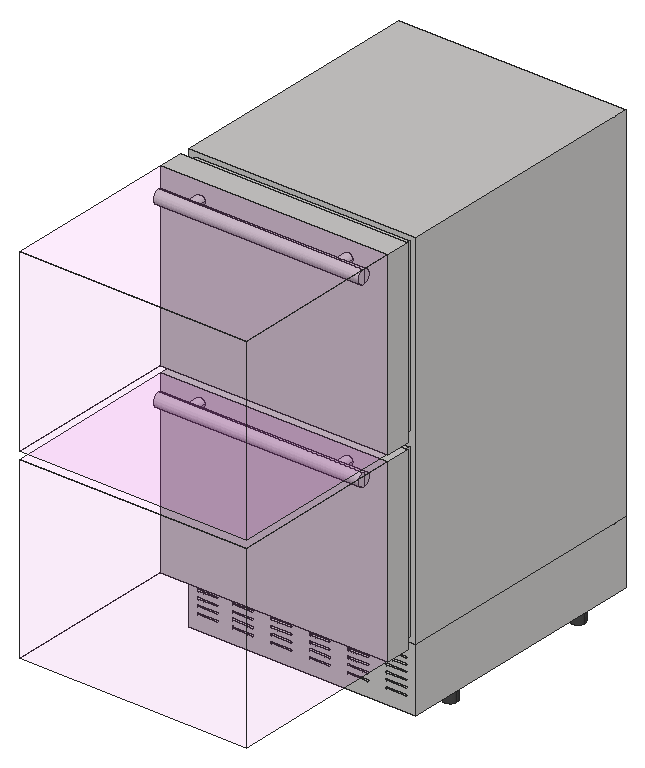
Revit family "QF_Summit_ADRD18H34_2_Drawer_All_Refrigerator", category Specialty Equipment, Revit 2020
Family settings
  Round Connector Dimension = Use Diameter
  Part Type = Normal
  Work Plane-Based = No
  Always vertical = Yes
  Cut with Voids When Loaded = No
  Shared = No
  Room Calculation Point = No
Parameters
  Weight in Pounds = 100
  Watts = FL Amps * Volts  # 143.75 W
  Volts = 115 V
  URL Cutsheet = ""
  Specification by User = ""
  Specification by Manufacturer = ""
  Show Clearance [instance] = yes
  Serial Number = ""
  Seismic Rating = ""
  SMACNA No = ""
  Revision Code = ""
  Refrigerant Volume = 0.00 kip
  Refrigerant Type = "R600a"
  Phase = 1
  Number of Poles = 1
  NAFEM Spec ID Number = ""
  Model = "ADRD18H34"
  Min Ckt Ampacity = 0 A
  Max Overcurrent Protection = 0 A
  Masterspec = ""
  Manufacturer = "Summit"
  Length = 17 3/4"
  Item Number = ""
  Installed By = ""
  Identify Quantity as Lot = yes
  Height = 34 1/4"
  HP = ""
  Furnished By = ""
  Foodservice Equipment Identifier = yes
  FL Amps = 1.25 A
  Electrical Remarks = ""
  Electric Connection Type = ""
  Elec Conn RI Height = 0"
  Elec Conn Connection Height = 0"
  Description = "2 Drawer All Refrigerator"
  Depth = 23 1/4"
  Default Elevation = 0"
  Cycle = 60 Hz
  Conn Plug = ""
  Conn Conduit = yes
  CSI MasterFormat = ""
  BTUH = 0.0 Btu/h
  Apparent Power = 0 VA
Reference planes (in)
  plane 1 "BACK": y = 0
  plane 2: z = 0
  plane 3 "LEFT": x = 0
  plane 4 "RIGHT": x = 17.75
  plane 5 "FRONT": y = -23.25
  plane 6 "TOP": z = 34.25
  plane 7 "Center Y": x = 8.875
  plane 8 "Center X": y = -11.625
Dimensions and locks (in)
  equal spacing: plane 3 "LEFT", plane 7 "Center Y", plane 4 "RIGHT"
  "Length": plane 3 "LEFT" to plane 4 "RIGHT"
  equal spacing: plane 5 "FRONT", plane 8 "Center X", plane 1 "BACK"
  "Depth": plane 5 "FRONT" to plane 1 "BACK"
  "Height": plane 6 "TOP" to level
  aligned and locked: level to plane 2
Nested families (in)
  nested 1: "ADRD18H34" at (0, 0, 0), Show Clearance <- "Show Clearance", type "ADRD18H34"
    with Show Clearance yes
Connectors (in)
  electrical at (13.70905, 0.03125, 4.74536), driven by "Volts", driven by "Watts"
    settings: on nested 1, index 1, voltage 115 V, apparent load 143.75 VA, apparent load phase1 0 VA, apparent load phase2 0 VA, apparent load phase3 0 VA, power factor 1, load classification "Other", number of poles 1, system type 30, power factor state 1, is connector primary yes, connector utility no, sub classification motor no, connector description "ELECTRICAL CONNECTION"
Definition of nested family "ADRD18H34"
  Parameters (values of type "ADRD18H34")
    Weight in Pounds = 0
    URL Cutsheet = ""
    Specification by User = ""
    Specification by Manufacturer = ""
    Show Clearance [instance] = yes
    Serial Number = ""
    Seismic Rating = ""
    SMACNA No = ""
    Revision Code = ""
    NAFEM Spec ID Number = ""
    Masterspec = ""
    Length = 17 3/4"
    Item Number = ""
    Installed By = ""
    Identify Quantity as Lot = yes
    Height = 34 1/4"
    Furnished By = ""
    Foodservice Equipment Identifier = yes
    Depth = 23 1/4"
    Default Elevation = 0"
    CSI MasterFormat = ""
  Reference planes (in)
    plane 1 "BACK": y = 0
    plane 2: z = 0
    plane 3 "LEFT": x = 0
    plane 4 "RIGHT": x = 17.75
    plane 5 "FRONT": y = -23.25
    plane 6 "TOP": z = 34.25
    plane 7 "Center Y": x = 8.875
    plane 8 "Center X": y = -11.625
    plane 9: y = -37
    plane 10: y = -25
    plane 11: z = 0.75
    plane 12: z = 5.75
    plane 13: y = -21.25
    plane 14: z = 20.25
    plane 15: z = 19.75
    plane 16: z = 33.33968
  Forms (in)
    Extrusion 1, solid
      sketch origin (-3.09549, -180, 0.75) x (-1, 0, 0) y (0, -1, 0)
        loop
          line (-3.09549, -180) -> (-3.09549, -159.5) -> (-20.84549, -159.5) -> (-20.84549, -180) -> (-3.09549, -180)
      from 0 to 5
    Extrusion 2, solid
      sketch origin (-3.09549, -180, 5.75) x (-1, 0, 0) y (0, -1, 0)
        loop
          line (-3.09549, -180) -> (-3.09549, -159.5) -> (-20.84549, -159.5) -> (-20.84549, -180) -> (-3.09549, -180)
      from 0 to 28.5
    Extrusion 3, solid
      sketch origin (-38.39759, -180, 34.25) x (-1, 0, 0) y (0, -1, 0)
        loop
          line (-38.39759, -158.75) -> (-38.39759, -156.75) -> (-56.14759, -156.75) -> (-56.14759, -158.75) -> (-38.39759, -158.75)
      from 0 to -14
    Extrusion 4, solid
      sketch origin (-2.26578, -180, 33.33968) x (-1, 0, 0) y (0, -1, 0)
        loop
          line (-2.77615, -159.5) -> (-2.77615, -158.75) -> (-19.50406, -158.75) -> (-19.50406, -159.5) -> (-2.77615, -159.5)
      from 0.55489 to -12.79609
    Extrusion 5, solid
      sketch origin (-38.39759, -180, 5.75) x (0, 1, 0) y (1, 0, 0)
        loop
          line (158.75, 38.39759) -> (158.75, 56.14759) -> (156.75, 56.14759) -> (156.75, 38.39759) -> (158.75, 38.39759)
      from 0 to -14
    Extrusion 6, solid
      sketch origin (-2.26578, -180, 6.66032) x (0, 1, 0) y (1, 0, 0)
        loop
          line (159.5, 2.77615) -> (159.5, 19.50406) -> (158.75, 19.50406) -> (158.75, 2.77615) -> (159.5, 2.77615)
      from 0.55067 to -12.79609
    Extrusion 7, void
      sketch origin (17.75, -20.5, 0.75) x (1, 0, 0) y (0, 0, -1)
        loop
          line (-16.96931, -3.96411) -> (-15.46931, -3.96411)
          arc (-15.46931, -3.96411) -> (-15.37556, -3.87036) -> (-15.46931, -3.77661) r 0.09375
          line (-15.46931, -3.77661) -> (-16.96931, -3.77661)
          arc (-16.96931, -3.77661) -> (-17.06306, -3.87036) -> (-16.96931, -3.96411) r 0.09375
        loop
          line (-16.96931, -3.46411) -> (-15.46931, -3.46411)
          arc (-15.46931, -3.46411) -> (-15.37556, -3.37036) -> (-15.46931, -3.27661) r 0.09375
          line (-15.46931, -3.27661) -> (-16.96931, -3.27661)
          arc (-16.96931, -3.27661) -> (-17.06306, -3.37036) -> (-16.96931, -3.46411) r 0.09375
        loop
          line (-16.96931, -2.96411) -> (-15.46931, -2.96411)
          arc (-15.46931, -2.96411) -> (-15.37556, -2.87036) -> (-15.46931, -2.77661) r 0.09375
          line (-15.46931, -2.77661) -> (-16.96931, -2.77661)
          arc (-16.96931, -2.77661) -> (-17.06306, -2.87036) -> (-16.96931, -2.96411) r 0.09375
        loop
          line (-16.96931, -2.40348) -> (-15.46931, -2.40348)
          arc (-15.46931, -2.40348) -> (-15.37556, -2.30973) -> (-15.46931, -2.21598) r 0.09375
          line (-15.46931, -2.21598) -> (-16.96931, -2.21598)
          arc (-16.96931, -2.21598) -> (-17.06306, -2.30973) -> (-16.96931, -2.40348) r 0.09375
        loop
          line (-16.96931, -1.87223) -> (-15.46931, -1.87223)
          arc (-15.46931, -1.87223) -> (-15.37556, -1.77848) -> (-15.46931, -1.68473) r 0.09375
          line (-15.46931, -1.68473) -> (-16.96931, -1.68473)
          arc (-16.96931, -1.68473) -> (-17.06306, -1.77848) -> (-16.96931, -1.87223) r 0.09375
        loop
          line (-16.96931, -1.30362) -> (-15.46931, -1.30362)
          arc (-15.46931, -1.30362) -> (-15.37556, -1.20987) -> (-15.46931, -1.11612) r 0.09375
          line (-15.46931, -1.11612) -> (-16.96931, -1.11612)
          arc (-16.96931, -1.11612) -> (-17.06306, -1.20987) -> (-16.96931, -1.30362) r 0.09375
        loop
          line (-14.21931, -3.96411) -> (-12.71931, -3.96411)
          arc (-12.71931, -3.96411) -> (-12.62556, -3.87036) -> (-12.71931, -3.77661) r 0.09375
          line (-12.71931, -3.77661) -> (-14.21931, -3.77661)
          arc (-14.21931, -3.77661) -> (-14.31306, -3.87036) -> (-14.21931, -3.96411) r 0.09375
        loop
          line (-14.21931, -3.46411) -> (-12.71931, -3.46411)
          arc (-12.71931, -3.46411) -> (-12.62556, -3.37036) -> (-12.71931, -3.27661) r 0.09375
          line (-12.71931, -3.27661) -> (-14.21931, -3.27661)
          arc (-14.21931, -3.27661) -> (-14.31306, -3.37036) -> (-14.21931, -3.46411) r 0.09375
        loop
          line (-14.21931, -2.96411) -> (-12.71931, -2.96411)
          arc (-12.71931, -2.96411) -> (-12.62556, -2.87036) -> (-12.71931, -2.77661) r 0.09375
          line (-12.71931, -2.77661) -> (-14.21931, -2.77661)
          arc (-14.21931, -2.77661) -> (-14.31306, -2.87036) -> (-14.21931, -2.96411) r 0.09375
        loop
          line (-14.21931, -2.40348) -> (-12.71931, -2.40348)
          arc (-12.71931, -2.40348) -> (-12.62556, -2.30973) -> (-12.71931, -2.21598) r 0.09375
          line (-12.71931, -2.21598) -> (-14.21931, -2.21598)
          arc (-14.21931, -2.21598) -> (-14.31306, -2.30973) -> (-14.21931, -2.40348) r 0.09375
        loop
          line (-14.21931, -1.87223) -> (-12.71931, -1.87223)
          arc (-12.71931, -1.87223) -> (-12.62556, -1.77848) -> (-12.71931, -1.68473) r 0.09375
          line (-12.71931, -1.68473) -> (-14.21931, -1.68473)
          arc (-14.21931, -1.68473) -> (-14.31306, -1.77848) -> (-14.21931, -1.87223) r 0.09375
        loop
          line (-14.21931, -1.30362) -> (-12.71931, -1.30362)
          arc (-12.71931, -1.30362) -> (-12.62556, -1.20987) -> (-12.71931, -1.11612) r 0.09375
          line (-12.71931, -1.11612) -> (-14.21931, -1.11612)
          arc (-14.21931, -1.11612) -> (-14.31306, -1.20987) -> (-14.21931, -1.30362) r 0.09375
        loop
          line (-11.21931, -3.96411) -> (-9.71931, -3.96411)
          arc (-9.71931, -3.96411) -> (-9.62556, -3.87036) -> (-9.71931, -3.77661) r 0.09375
          line (-9.71931, -3.77661) -> (-11.21931, -3.77661)
          arc (-11.21931, -3.77661) -> (-11.31306, -3.87036) -> (-11.21931, -3.96411) r 0.09375
        loop
          line (-11.21931, -3.46411) -> (-9.71931, -3.46411)
          arc (-9.71931, -3.46411) -> (-9.62556, -3.37036) -> (-9.71931, -3.27661) r 0.09375
          line (-9.71931, -3.27661) -> (-11.21931, -3.27661)
          arc (-11.21931, -3.27661) -> (-11.31306, -3.37036) -> (-11.21931, -3.46411) r 0.09375
        loop
          line (-11.21931, -2.96411) -> (-9.71931, -2.96411)
          arc (-9.71931, -2.96411) -> (-9.62556, -2.87036) -> (-9.71931, -2.77661) r 0.09375
          line (-9.71931, -2.77661) -> (-11.21931, -2.77661)
          arc (-11.21931, -2.77661) -> (-11.31306, -2.87036) -> (-11.21931, -2.96411) r 0.09375
        loop
          line (-11.21931, -2.40348) -> (-9.71931, -2.40348)
          arc (-9.71931, -2.40348) -> (-9.62556, -2.30973) -> (-9.71931, -2.21598) r 0.09375
          line (-9.71931, -2.21598) -> (-11.21931, -2.21598)
          arc (-11.21931, -2.21598) -> (-11.31306, -2.30973) -> (-11.21931, -2.40348) r 0.09375
        loop
          line (-11.21931, -1.87223) -> (-9.71931, -1.87223)
          arc (-9.71931, -1.87223) -> (-9.62556, -1.77848) -> (-9.71931, -1.68473) r 0.09375
          line (-9.71931, -1.68473) -> (-11.21931, -1.68473)
          arc (-11.21931, -1.68473) -> (-11.31306, -1.77848) -> (-11.21931, -1.87223) r 0.09375
        loop
          line (-11.21931, -1.30362) -> (-9.71931, -1.30362)
          arc (-9.71931, -1.30362) -> (-9.62556, -1.20987) -> (-9.71931, -1.11612) r 0.09375
          line (-9.71931, -1.11612) -> (-11.21931, -1.11612)
          arc (-11.21931, -1.11612) -> (-11.31306, -1.20987) -> (-11.21931, -1.30362) r 0.09375
        loop
          line (-8.21931, -3.96411) -> (-6.71931, -3.96411)
          arc (-6.71931, -3.96411) -> (-6.62556, -3.87036) -> (-6.71931, -3.77661) r 0.09375
          line (-6.71931, -3.77661) -> (-8.21931, -3.77661)
          arc (-8.21931, -3.77661) -> (-8.31306, -3.87036) -> (-8.21931, -3.96411) r 0.09375
        loop
          line (-8.21931, -3.46411) -> (-6.71931, -3.46411)
          arc (-6.71931, -3.46411) -> (-6.62556, -3.37036) -> (-6.71931, -3.27661) r 0.09375
          line (-6.71931, -3.27661) -> (-8.21931, -3.27661)
          arc (-8.21931, -3.27661) -> (-8.31306, -3.37036) -> (-8.21931, -3.46411) r 0.09375
        loop
          line (-8.21931, -2.96411) -> (-6.71931, -2.96411)
          arc (-6.71931, -2.96411) -> (-6.62556, -2.87036) -> (-6.71931, -2.77661) r 0.09375
          line (-6.71931, -2.77661) -> (-8.21931, -2.77661)
          arc (-8.21931, -2.77661) -> (-8.31306, -2.87036) -> (-8.21931, -2.96411) r 0.09375
        loop
          line (-8.21931, -2.40348) -> (-6.71931, -2.40348)
          arc (-6.71931, -2.40348) -> (-6.62556, -2.30973) -> (-6.71931, -2.21598) r 0.09375
          line (-6.71931, -2.21598) -> (-8.21931, -2.21598)
          arc (-8.21931, -2.21598) -> (-8.31306, -2.30973) -> (-8.21931, -2.40348) r 0.09375
        loop
          line (-8.21931, -1.87223) -> (-6.71931, -1.87223)
          arc (-6.71931, -1.87223) -> (-6.62556, -1.77848) -> (-6.71931, -1.68473) r 0.09375
          line (-6.71931, -1.68473) -> (-8.21931, -1.68473)
          arc (-8.21931, -1.68473) -> (-8.31306, -1.77848) -> (-8.21931, -1.87223) r 0.09375
        loop
          line (-8.21931, -1.30362) -> (-6.71931, -1.30362)
          arc (-6.71931, -1.30362) -> (-6.62556, -1.20987) -> (-6.71931, -1.11612) r 0.09375
          line (-6.71931, -1.11612) -> (-8.21931, -1.11612)
          arc (-8.21931, -1.11612) -> (-8.31306, -1.20987) -> (-8.21931, -1.30362) r 0.09375
        loop
          line (-5.21931, -3.96411) -> (-3.71931, -3.96411)
          arc (-3.71931, -3.96411) -> (-3.62556, -3.87036) -> (-3.71931, -3.77661) r 0.09375
          line (-3.71931, -3.77661) -> (-5.21931, -3.77661)
          arc (-5.21931, -3.77661) -> (-5.31306, -3.87036) -> (-5.21931, -3.96411) r 0.09375
        loop
          line (-5.21931, -3.46411) -> (-3.71931, -3.46411)
          arc (-3.71931, -3.46411) -> (-3.62556, -3.37036) -> (-3.71931, -3.27661) r 0.09375
          line (-3.71931, -3.27661) -> (-5.21931, -3.27661)
          arc (-5.21931, -3.27661) -> (-5.31306, -3.37036) -> (-5.21931, -3.46411) r 0.09375
        loop
          line (-5.21931, -2.96411) -> (-3.71931, -2.96411)
          arc (-3.71931, -2.96411) -> (-3.62556, -2.87036) -> (-3.71931, -2.77661) r 0.09375
          line (-3.71931, -2.77661) -> (-5.21931, -2.77661)
          arc (-5.21931, -2.77661) -> (-5.31306, -2.87036) -> (-5.21931, -2.96411) r 0.09375
        loop
          line (-5.21931, -2.40348) -> (-3.71931, -2.40348)
          arc (-3.71931, -2.40348) -> (-3.62556, -2.30973) -> (-3.71931, -2.21598) r 0.09375
          line (-3.71931, -2.21598) -> (-5.21931, -2.21598)
          arc (-5.21931, -2.21598) -> (-5.31306, -2.30973) -> (-5.21931, -2.40348) r 0.09375
        loop
          line (-5.21931, -1.87223) -> (-3.71931, -1.87223)
          arc (-3.71931, -1.87223) -> (-3.62556, -1.77848) -> (-3.71931, -1.68473) r 0.09375
          line (-3.71931, -1.68473) -> (-5.21931, -1.68473)
          arc (-5.21931, -1.68473) -> (-5.31306, -1.77848) -> (-5.21931, -1.87223) r 0.09375
        loop
          line (-5.21931, -1.30362) -> (-3.71931, -1.30362)
          arc (-3.71931, -1.30362) -> (-3.62556, -1.20987) -> (-3.71931, -1.11612) r 0.09375
          line (-3.71931, -1.11612) -> (-5.21931, -1.11612)
          arc (-5.21931, -1.11612) -> (-5.31306, -1.20987) -> (-5.21931, -1.30362) r 0.09375
        loop
          line (-2.21931, -3.96411) -> (-0.71931, -3.96411)
          arc (-0.71931, -3.96411) -> (-0.62556, -3.87036) -> (-0.71931, -3.77661) r 0.09375
          line (-0.71931, -3.77661) -> (-2.21931, -3.77661)
          arc (-2.21931, -3.77661) -> (-2.31306, -3.87036) -> (-2.21931, -3.96411) r 0.09375
        loop
          line (-2.21931, -3.46411) -> (-0.71931, -3.46411)
          arc (-0.71931, -3.46411) -> (-0.62556, -3.37036) -> (-0.71931, -3.27661) r 0.09375
          line (-0.71931, -3.27661) -> (-2.21931, -3.27661)
          arc (-2.21931, -3.27661) -> (-2.31306, -3.37036) -> (-2.21931, -3.46411) r 0.09375
        loop
          line (-2.21931, -2.96411) -> (-0.71931, -2.96411)
          arc (-0.71931, -2.96411) -> (-0.62556, -2.87036) -> (-0.71931, -2.77661) r 0.09375
          line (-0.71931, -2.77661) -> (-2.21931, -2.77661)
          arc (-2.21931, -2.77661) -> (-2.31306, -2.87036) -> (-2.21931, -2.96411) r 0.09375
        loop
          line (-2.21931, -2.40348) -> (-0.71931, -2.40348)
          arc (-0.71931, -2.40348) -> (-0.62556, -2.30973) -> (-0.71931, -2.21598) r 0.09375
          line (-0.71931, -2.21598) -> (-2.21931, -2.21598)
          arc (-2.21931, -2.21598) -> (-2.31306, -2.30973) -> (-2.21931, -2.40348) r 0.09375
        loop
          line (-2.21931, -1.87223) -> (-0.71931, -1.87223)
          arc (-0.71931, -1.87223) -> (-0.62556, -1.77848) -> (-0.71931, -1.68473) r 0.09375
          line (-0.71931, -1.68473) -> (-2.21931, -1.68473)
          arc (-2.21931, -1.68473) -> (-2.31306, -1.77848) -> (-2.21931, -1.87223) r 0.09375
        loop
          line (-2.21931, -1.30362) -> (-0.71931, -1.30362)
          arc (-0.71931, -1.30362) -> (-0.62556, -1.20987) -> (-0.71931, -1.11612) r 0.09375
          line (-0.71931, -1.11612) -> (-2.21931, -1.11612)
          arc (-2.21931, -1.11612) -> (-2.31306, -1.20987) -> (-2.21931, -1.30362) r 0.09375
      from 0 to 0.64187
    Revolve 8, solid
      sketch origin (0, -24.5, 48) x (-1, 0, 0) y (0, 0, 1)
        loop
          line (-0.85983, -15.02445) -> (-0.85983, -14.52445) -> (-16.85983, -14.52445) -> (-16.85983, -15.02445) -> (-0.85983, -15.02445)
        axis (-0.85983, -15.02445) -> (-16.85983, -15.02445)
      angle from 0 to 360
    Extrusion 9, solid
      sketch origin (9.75423, -23.25, 34.25) x (-1, 0, 0) y (0, 0, -1)
        loop
          circle (6.6523, 1.27427) r 0.34549
        loop
          circle (-4.89385, 1.27427) r 0.34549
      from 0 to 1.24301
    Revolve 10, solid
      sketch origin (0, -24.5, 3.75) x (-1, 0, 0) y (0, 0, 1)
        loop
          line (-0.85983, 15.02445) -> (-16.85983, 15.02445) -> (-16.85983, 14.52445) -> (-0.85983, 14.52445) -> (-0.85983, 15.02445)
        axis (-0.85983, 15.02445) -> (-16.85983, 15.02445)
      angle from 0 to 360
    Extrusion 11, solid
      sketch origin (9.75423, -23.25, 17.5) x (-1, 0, 0) y (0, 0, -1)
        loop
          circle (6.6523, -1.27427) r 0.34549
        loop
          circle (-4.89385, -1.27427) r 0.34549
      from 0 to 1.24301
    Revolve 12, solid
      sketch origin (0, -16.5, 0) x (1, 0, 0) y (0, 0, 1)
        loop
          line (0, 0.75) -> (0, 0) -> (0.5, 0) -> (0.5, 0.75) -> (0, 0.75)
        axis (0.5, 0.75) -> (0.5, 0)
      angle from 0 to 360
    Revolve 13, solid
      sketch origin (17.75, -16.5, 0) x (-1, 0, 0) y (0, 0, 1)
        loop
          line (0, 0.75) -> (0, 0) -> (0.5, 0) -> (0.5, 0.75) -> (0, 0.75)
        axis (0.5, 0.75) -> (0.5, 0)
      angle from 0 to 360
    Revolve 14, solid
      sketch origin (0, -4, 0) x (1, 0, 0) y (0, 0, 1)
        loop
          line (0, 0.75) -> (0, 0) -> (0.5, 0) -> (0.5, 0.75) -> (0, 0.75)
        axis (0.5, 0.75) -> (0.5, 0)
      angle from 0 to 360
    Revolve 15, solid
      sketch origin (17.75, -4, 0) x (-1, 0, 0) y (0, 0, 1)
        loop
          line (0, 0.75) -> (0, 0) -> (0.5, 0) -> (0.5, 0.75) -> (0, 0.75)
        axis (0.5, 0.75) -> (0.5, 0)
      angle from 0 to 360
    Extrusion 16, solid
      sketch origin (0, 0, 0.75) x (1, 0, 0) y (0, 0, -1)
        loop
          circle (13.70905, -3.99536) r 0.25
      from 0 to 0.03125
    Extrusion 17, solid, visible <- "Show Clearance"
      sketch origin (-38.39759, -180, 5.75) x (-1, 0, 0) y (0, 1, 0)
        loop
          line (-38.39759, 156.75) -> (-56.14759, 156.75) -> (-56.14759, 143) -> (-38.39759, 143) -> (-38.39759, 156.75)
      from 0 to -14
    Extrusion 18, solid, visible <- "Show Clearance"
      sketch origin (-38.39759, -180, 20.25) x (0, -1, 0) y (-1, 0, 0)
        loop
          line (-156.75, -38.39759) -> (-156.75, -56.14759) -> (-143, -56.14759) -> (-143, -38.39759) -> (-156.75, -38.39759)
      from 0 to -14
  Cuts and joins
    Extrusion 7 cuts Extrusion 1
    joined: Revolve 8, Extrusion 9
    joined: Revolve 10, Extrusion 11
  Lines and regions (in)
    symbolic lines
      curve 1: line (0, 0, 0) -> (17.75, 0, 0)
      curve 2: line (0, -20.5, 0) -> (0, 0, 0)
      curve 3: line (17.75, -20.5, 0) -> (0, -20.5, 0)
      curve 4: line (17.75, 0, 0) -> (17.75, -20.5, 0)
      curve 5: line (0.51037, -20.5, 0) -> (0.51037, -21.25, 0)
      curve 6: line (17.75, -21.25, 0) -> (0, -21.25, 0)
      curve 7: line (0, -21.25, 0) -> (0, -23.25, 0)
      curve 8: line (0, -23.25, 0) -> (17.75, -23.25, 0)
      curve 9: line (17.75, -23.25, 0) -> (17.75, -21.25, 0)
      curve 10: line (17.23828, -21.25, 0) -> (17.23828, -20.5, 0)
      curve 11: line (0.85983, -24, 0) -> (0.85983, -25, 0)
      curve 12: line (0.85983, -25, 0) -> (16.85983, -25, 0)
      curve 13: line (16.85983, -25, 0) -> (16.85983, -24, 0)
      curve 14: line (16.85983, -24, 0) -> (14.99357, -24, 0)
      curve 15: line (2.75643, -24, 0) -> (2.75643, -23.25, 0)
      curve 16: line (3.44742, -24, 0) -> (3.44742, -23.25, 0)
      curve 17: line (2.75643, -24, 0) -> (0.85983, -24, 0)
      curve 18: line (3.44742, -24, 0) -> (2.75643, -24, 0)
      curve 19: line (14.99357, -24, 0) -> (14.30258, -24, 0)
      curve 20: line (14.30258, -24, 0) -> (14.30258, -23.25, 0)
      curve 21: line (14.99357, -24, 0) -> (14.99357, -23.25, 0)
      curve 22: line (14.30258, -24, 0) -> (3.44742, -24, 0)
    symbolic lines, visible <- "Show Clearance"
      curve 23: line (0, -23.25, 0) -> (0, -37, 0)
      curve 24: line (0, -37, 0) -> (17.75, -37, 0)
      curve 25: line (17.75, -37, 0) -> (17.75, -23.25, 0)
  Dimensions and locks (in)
    equal spacing: plane 3 "LEFT", plane 7 "Center Y", plane 4 "RIGHT"
    "Length": plane 3 "LEFT" to plane 4 "RIGHT"
    equal spacing: plane 5 "FRONT", plane 8 "Center X", plane 1 "BACK"
    "Depth": plane 5 "FRONT" to plane 1 "BACK"
    "Height": plane 6 "TOP" to level
    plane 1 "BACK" to plane 9 = 37"
    plane 1 "BACK" to plane 10 = 25"
    plane 5 "FRONT" to plane 13 = 2"
    plane 6 "TOP" to plane 14 = 14"
    plane 15 to plane 12 = 14"
    aligned and locked: level to plane 2
  Automatic sketch dimensions
    plane 1 "BACK" to Extrusion 1 sketch curve = 0"
    Extrusion 1 sketch curve to plane 4 "RIGHT" = 0"
    Extrusion 1 sketch curve to plane 3 "LEFT" = 0"
    plane 1 "BACK" to Extrusion 2 sketch curve = 0"
    Extrusion 2 sketch curve to plane 4 "RIGHT" = 0"
    Extrusion 2 sketch curve to plane 3 "LEFT" = 0"
    Extrusion 3 sketch curve to plane 4 "RIGHT" = 0"
    Extrusion 3 sketch curve to plane 3 "LEFT" = 0"
    Extrusion 3 sketch curve to plane 13 = 0"
    plane 5 "FRONT" to Extrusion 3 sketch curve = 0"
    Extrusion 4 sketch curve to plane 13 = 0"
    plane 4 "RIGHT" to Extrusion 4 sketch curve = 131/256"
    plane 3 "LEFT" to Extrusion 4 sketch curve = 0.51037"
    Extrusion 5 sketch curve to plane 3 "LEFT" = 0"
    plane 5 "FRONT" to Extrusion 5 sketch curve = 0"
    Extrusion 5 sketch curve to plane 13 = 0"
    Extrusion 5 sketch curve to plane 4 "RIGHT" = 0"
    Extrusion 6 sketch curve to plane 13 = 0"
    plane 4 "RIGHT" to Extrusion 6 sketch curve = 131/256"
    plane 3 "LEFT" to Extrusion 6 sketch curve = 0.51037"
    Extrusion 7 sketch curve to Extrusion 1 = 0.78069"  (x2)
    Extrusion 7 sketch curve to Extrusion 7 sketch curve = 0"  (x54)
    Extrusion 7 sketch curve to Extrusion 7 sketch curve = 1 1/2"  (x13)
    Extrusion 7 sketch curve to Extrusion 7 sketch curve = 1 1/4"  (x2)
    Extrusion 1 to Extrusion 7 sketch curve = 0.71931"
    Extrusion 7 sketch curve to Extrusion 1 = 1.03589"  (x6)
    Extrusion 7 sketch curve to Extrusion 7 sketch curve = 3/32"  (x36)
    Extrusion 7 sketch curve to Extrusion 7 sketch curve = 5/16"  (x12)
    Extrusion 7 sketch curve to Extrusion 7 sketch curve = 0.37312"  (x6)
    Extrusion 7 sketch curve to Extrusion 7 sketch curve = 11/32"  (x6)
    Extrusion 7 sketch curve to Extrusion 7 sketch curve = 0.38111"  (x6)
    Revolve 8 sketch curve to plane 16 = 0.36413"
    plane 4 "RIGHT" to Revolve 8 sketch curve = 0.89017"
    plane 16 to Revolve 8 sketch curve = 0.13587"
    plane 3 "LEFT" to Revolve 8 sketch curve = 0.85983"
    Revolve 8 sketch curve to Revolve 8 sketch curve = 1/2"
    Revolve 8 sketch curve to Revolve 8 sketch curve = 0"  (x2)
    Extrusion 3 to Extrusion 9 sketch curve = 1.27427"  (x2)
    Extrusion 9 sketch curve to Extrusion 3 = 3.10193"
    Extrusion 3 to Extrusion 9 sketch curve = 3.10193"
    plane 4 "RIGHT" to Revolve 10 sketch curve = 0.89017"
    plane 3 "LEFT" to Revolve 10 sketch curve = 0.85983"
    Revolve 10 sketch curve to plane 15 = 1.47555"
    Revolve 10 sketch curve to Revolve 10 sketch curve = 1/2"  (x2)
    Revolve 10 sketch curve to Revolve 10 sketch curve = 0"  (x2)
    Extrusion 11 sketch curve to Extrusion 3 = 1.47573"  (x2)
    Extrusion 11 sketch curve to Extrusion 3 = 3.10193"
    Extrusion 3 to Extrusion 11 sketch curve = 3.10193"
    Revolve 12 sketch curve to level = 0"
    Revolve 12 sketch curve to plane 3 "LEFT" = 0"
    Revolve 12 sketch curve to plane 11 = 0"  (x2)
    plane 3 "LEFT" to Revolve 12 sketch curve = 1/2"
    Revolve 12 sketch curve to Revolve 12 sketch curve = 0"
    Revolve 12 sketch curve to plane 11 = 1/4"
    Revolve 13 sketch curve to level = 0"
    plane 4 "RIGHT" to Revolve 13 sketch curve = 0"
    Revolve 13 sketch curve to plane 11 = 0"  (x2)
    Revolve 13 sketch curve to Revolve 13 sketch curve = 1/2"
    Revolve 13 sketch curve to Revolve 13 sketch curve = 0"
    plane 11 to Revolve 13 sketch curve = 1/4"
    Revolve 14 sketch curve to level = 0"
    Revolve 14 sketch curve to plane 3 "LEFT" = 0"
    Revolve 14 sketch curve to plane 11 = 0"  (x2)
    plane 3 "LEFT" to Revolve 14 sketch curve = 1/2"
    Revolve 14 sketch curve to Revolve 14 sketch curve = 0"
    Revolve 14 sketch curve to plane 11 = 1/4"
    Revolve 15 sketch curve to level = 0"
    plane 4 "RIGHT" to Revolve 15 sketch curve = 0"
    Revolve 15 sketch curve to plane 11 = 0"  (x2)
    Revolve 15 sketch curve to Revolve 15 sketch curve = 1/2"
    Revolve 15 sketch curve to Revolve 15 sketch curve = 0"
    plane 11 to Revolve 15 sketch curve = 1/4"
    plane 13 to Extrusion 1 sketch curve = 3/4"
    plane 13 to Extrusion 2 sketch curve = 3/4"
    plane 13 to Extrusion 4 sketch curve = 3/4"
    plane 13 to Extrusion 6 sketch curve = 3/4"
    Extrusion 1 to Extrusion 16 sketch curve = 1.00464"
    Extrusion 16 sketch curve to Extrusion 1 = 4.04095"
    Extrusion 17 sketch curve to Extrusion 5 = 0"  (x3)
    Extrusion 17 sketch curve to Extrusion 5 = 13 3/4"
    Extrusion 18 sketch curve to Extrusion 3 = 0"  (x3)
    Extrusion 18 sketch curve to Extrusion 3 = 13 3/4"
    plane 1 "BACK" to curve 1 = 0"
    curve 1 to plane 3 "LEFT" = 0"
    curve 24 to plane 3 "LEFT" = 0"
    curve 5 to plane 13 = 0"
    curve 12 to plane 10 = 0"
    plane 5 "FRONT" to curve 15 = 0"
    curve 9 to plane 4 "RIGHT" = 0"
    curve 4 to plane 4 "RIGHT" = 0"
    curve 25 to plane 9 = 0"
    plane 3 "LEFT" to curve 11 = 0.85983"
    plane 5 "FRONT" to curve 17 = 3/4"
    curve 11 to curve 17 = 1.8966"
    curve 15 to curve 16 = 0.69098"
    plane 5 "FRONT" to curve 20 = 3/4"
    plane 4 "RIGHT" to curve 20 = 3.44742"
    curve 20 to curve 21 = 0.69098"
    plane 4 "RIGHT" to curve 12 = 0.89017"
    curve 20 to curve 14 = 0"
    curve 6 to curve 4 = 3/4"
    curve 6 to curve 5 = 0.51037"
    curve 18 to curve 15 = 0"
    curve 18 to curve 16 = 0"  (x2)
    curve 19 to curve 20 = 0"  (x2)
    curve 19 to curve 14 = 0"
    plane 4 "RIGHT" to curve 10 = 131/256"
    radius of Extrusion 9 sketch curve = 0.34549"  (x2)
    radius of Extrusion 11 sketch curve = 0.34549"  (x2)
    radius of Extrusion 16 sketch curve = 1/4"
